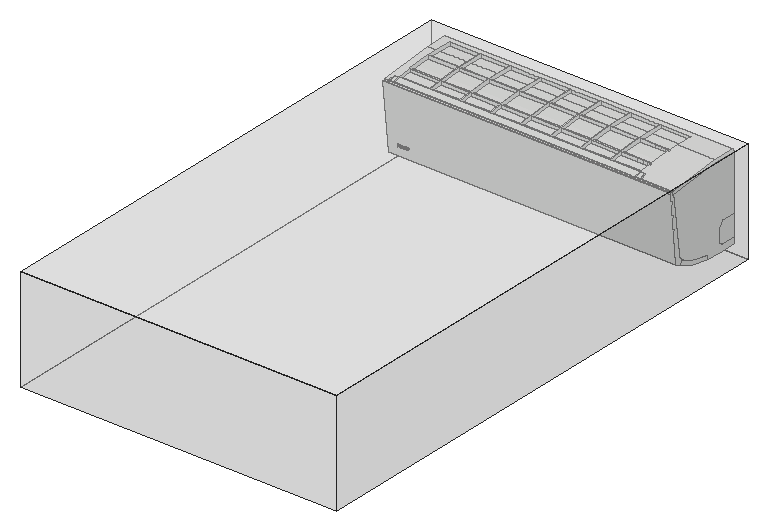
Revit family "outputfile", category 機械設備, Revit 2024 (continued)
Definition of nested family "DAIKIN_indoorunit_FTKF-AV14"
  Cuts and joins
    Extrusion 52, Extrusion 54 cuts Extrusion 2
    Extrusion 52, Extrusion 54 cuts Extrusion 6
    Extrusion 54 cuts Extrusion 53
    Extrusion 47 cuts Extrusion 46
  Lines and regions (mm)
    reference lines
      curve 1: line (-523, -203.827, -201.479) -> (-523, -197.847, -215.327)
      curve 2: line (-523, -218.956, -203.806) -> (-523, -217.93, -217.251)
      curve 3: line (-523, -253.284, -206.176) -> (-523, -252.024, -219.601)
  Dimensions and locks
    locked: Extrusion 9 sketch curve to Extrusion 9 sketch curve at 60
    locked: Extrusion 9 sketch curve to Extrusion 9 sketch curve at 50
    locked: Extrusion 11 sketch curve to Extrusion 11 sketch curve at 48.5
    equal spacing: plane 5, plane 3 "Center (Left/Right)", plane 4
    "Width": plane 5 to plane 4
    locked: Extrusion 8 sketch curve to plane 4 at 48
    "WALL HOLE-R": plane 5 to Extrusion 8 sketch curve
    "Height": plane 2 "reference_level" to plane 6
    locked: Extrusion 8 sketch curve to plane 6 at 45  (x2)
    Extrusion 13 to nested 2 = 36.0 mm
    locked: Extrusion 19 sketch curve to Extrusion 19 sketch curve at 60
    locked: Extrusion 20 sketch curve to Extrusion 20 sketch curve at 60
    Extrusion 21 sketch curve to Extrusion 21 sketch curve = 52.0 mm  (x2)
    Extrusion 11 sketch curve to Extrusion 11 sketch curve to plane 3 "Center (Left/Right)" = 60.0 mm locked, 286.0 mm locked
    plane 3 "Center (Left/Right)" to Extrusion 11 sketch curve to Extrusion 11 sketch curve = 259.0 mm locked, 60.0 mm locked
    Extrusion 21 sketch curve to Extrusion 21 sketch curve to plane 3 "Center (Left/Right)" to Extrusion 21 sketch curve to Extrusion 21 sketch curve = 60.0 mm, 309.0 mm, 309.0 mm, 60.0 mm
    Extrusion 42 sketch curve to plane 1 "Center (Front/Back)" = 61.8 mm
    Extrusion 42 sketch curve to Extrusion 42 sketch curve to plane 3 "Center (Left/Right)" to Extrusion 42 sketch curve to Extrusion 42 sketch curve = 73.5 mm locked, 395.5 mm locked, 395.5 mm locked, 73.5 mm locked
    aligned and locked: level to plane 2 "reference_level"
    aligned and locked: Extrusion 11 sketch curve to Extrusion 11 sketch curve  (x2)
    aligned and locked: Extrusion 8 to plane 1 "Center (Front/Back)"
    aligned and locked: nested 2 to curve 2
    aligned and locked: nested 3 to curve 3
    aligned and locked: Extrusion 42 sketch curve to Extrusion 42 sketch curve
  Automatic sketch dimensions
    Extrusion 4 sketch curve to plane 1 "Center (Front/Back)" = 0.0 mm
    plane 1 "Center (Front/Back)" to Extrusion 4 sketch curve = 2.596 mm
    plane 1 "Center (Front/Back)" to Extrusion 4 sketch curve = 22.05 mm
    Extrusion 4 sketch curve to level = 8.0 mm
    Extrusion 4 sketch curve to Extrusion 4 sketch curve = 87.469 mm
    Extrusion 4 sketch curve to Extrusion 4 sketch curve = 23.928 mm
    Extrusion 4 sketch curve to Extrusion 4 sketch curve = 26.307 mm
    Extrusion 4 sketch curve to Extrusion 4 sketch curve = 83.5 mm
    Extrusion 4 sketch curve to level = 28.539 mm
    Extrusion 4 sketch curve to Extrusion 4 sketch curve = 91.44 mm
    Extrusion 4 sketch curve to Extrusion 4 sketch curve = 12.229 mm
    Extrusion 4 sketch curve to Extrusion 4 sketch curve = 32.705 mm
    Extrusion 4 sketch curve to level = 43.491 mm
    Extrusion 4 sketch curve to Extrusion 4 sketch curve = 3.707 mm
    Extrusion 4 sketch curve to Extrusion 4 sketch curve = 52.472 mm
    Extrusion 4 sketch curve to Extrusion 4 sketch curve = 0.0 mm
    plane 1 "Center (Front/Back)" to Extrusion 5 sketch curve = 192.48 mm
    Extrusion 5 sketch curve to Extrusion 5 sketch curve = 11.872 mm
    Extrusion 5 sketch curve to Extrusion 5 sketch curve = 65.26 mm
    Extrusion 5 sketch curve to Extrusion 5 sketch curve = 0.31 mm  (x2)
    Extrusion 5 sketch curve to Extrusion 5 sketch curve = 66.449 mm
    plane 1 "Center (Front/Back)" to Extrusion 5 sketch curve = 22.36 mm
    Extrusion 5 sketch curve to level = 276.027 mm
    Extrusion 5 sketch curve to Extrusion 5 sketch curve = 10.915 mm
    Extrusion 5 sketch curve to Extrusion 5 sketch curve = 42.154 mm
    Extrusion 5 sketch curve to Extrusion 5 sketch curve = 1.37 mm
    Extrusion 5 sketch curve to Extrusion 5 sketch curve = 54.088 mm
    Extrusion 5 sketch curve to Extrusion 5 sketch curve = 0.0 mm  (x2)
    Extrusion 5 sketch curve to level = 43.491 mm
    plane 1 "Center (Front/Back)" to Extrusion 6 sketch curve = 192.48 mm
    Extrusion 6 sketch curve to Extrusion 6 sketch curve = 11.872 mm
    Extrusion 6 sketch curve to Extrusion 6 sketch curve = 65.26 mm
    Extrusion 6 sketch curve to Extrusion 6 sketch curve = 0.31 mm  (x2)
    Extrusion 6 sketch curve to Extrusion 6 sketch curve = 66.449 mm
    plane 1 "Center (Front/Back)" to Extrusion 6 sketch curve = 22.36 mm
    Extrusion 6 sketch curve to level = 276.027 mm
    Extrusion 6 sketch curve to Extrusion 6 sketch curve = 10.915 mm
    Extrusion 6 sketch curve to Extrusion 6 sketch curve = 42.154 mm
    Extrusion 6 sketch curve to Extrusion 6 sketch curve = 1.37 mm
    Extrusion 6 sketch curve to Extrusion 6 sketch curve = 54.088 mm
    Extrusion 6 sketch curve to Extrusion 6 sketch curve = 0.0 mm  (x2)
    Extrusion 6 sketch curve to level = 43.491 mm
    plane 1 "Center (Front/Back)" to Extrusion 7 sketch curve = 72.419 mm
    Extrusion 7 sketch curve to plane 3 "Center (Left/Right)" = 324.633 mm
    Extrusion 7 sketch curve to Extrusion 7 sketch curve = 0.0 mm  (x39)
    plane 1 "Center (Front/Back)" to Extrusion 7 sketch curve = 75.939 mm
    Extrusion 7 sketch curve to Extrusion 7 sketch curve = 20.633 mm  (x2)
    plane 1 "Center (Front/Back)" to Extrusion 7 sketch curve = 74.9 mm
    plane 1 "Center (Front/Back)" to Extrusion 7 sketch curve = 142.3 mm
    Extrusion 7 sketch curve to Extrusion 7 sketch curve = 24.633 mm
    Extrusion 7 sketch curve to Extrusion 7 sketch curve = 69.1 mm
    plane 1 "Center (Front/Back)" to Extrusion 7 sketch curve = 24.5 mm  (x4)
    Extrusion 7 sketch curve to Extrusion 7 sketch curve = 1.4 mm  (x23)
    Extrusion 7 sketch curve to Extrusion 7 sketch curve = 86.6 mm
    Extrusion 7 sketch curve to Extrusion 7 sketch curve = 70.6 mm
    Extrusion 7 sketch curve to Extrusion 7 sketch curve = 20.0 mm  (x4)
    plane 3 "Center (Left/Right)" to Extrusion 7 sketch curve = 36.5 mm  (x2)
    Extrusion 7 sketch curve to Extrusion 7 sketch curve = 87.0 mm
    Extrusion 7 sketch curve to Extrusion 7 sketch curve = 69.717 mm
    Extrusion 7 sketch curve to Extrusion 7 sketch curve = 1.026 mm
    Extrusion 7 sketch curve to Extrusion 7 sketch curve = 38.883 mm
    Extrusion 7 sketch curve to Extrusion 7 sketch curve = 39.104 mm
    Extrusion 7 sketch curve to Extrusion 7 sketch curve = 1.291 mm
    Extrusion 7 sketch curve to Extrusion 7 sketch curve = 1.048 mm  (x5)
    Extrusion 7 sketch curve to Extrusion 7 sketch curve = 41.2 mm
    Extrusion 7 sketch curve to Extrusion 7 sketch curve = 3.496 mm  (x2)
    Extrusion 7 sketch curve to Extrusion 7 sketch curve = 3.508 mm
    Extrusion 7 sketch curve to Extrusion 7 sketch curve = 63.904 mm
    Extrusion 7 sketch curve to Extrusion 7 sketch curve = 66.0 mm
    Extrusion 7 sketch curve to Extrusion 7 sketch curve = 3.386 mm
    Extrusion 9 sketch curve to plane 1 "Center (Front/Back)" = 0.0 mm
    Extrusion 9 sketch curve to Extrusion 9 sketch curve = 20.0 mm  (x2)
    Extrusion 9 sketch curve to level = 273.0 mm
    plane 1 "Center (Front/Back)" to Extrusion 11 sketch curve = 0.0 mm
    Extrusion 11 sketch curve to Extrusion 11 sketch curve = 18.5 mm  (x3)
    Extrusion 11 sketch curve to Extrusion 11 sketch curve = 23.0 mm
    Extrusion 12 sketch curve to level = 0.0 mm
    Extrusion 12 sketch curve to plane 1 "Center (Front/Back)" = 0.0 mm
    plane 1 "Center (Front/Back)" to Extrusion 12 sketch curve = 5.0 mm
    Extrusion 12 sketch curve to plane 1 "Center (Front/Back)" = 14.977 mm
    Extrusion 12 sketch curve to level = 9.02 mm
    Extrusion 12 sketch curve to level = 11.0 mm
    level to Extrusion 12 sketch curve = 9.314 mm
    plane 1 "Center (Front/Back)" to Extrusion 14 sketch curve = 23.5 mm  (x3)
    Extrusion 14 sketch curve to plane 3 "Center (Left/Right)" = 355.499 mm
    Extrusion 14 sketch curve to Extrusion 14 sketch curve = 0.0 mm  (x34)
    Extrusion 14 sketch curve to Extrusion 14 sketch curve = 101.5 mm
    Extrusion 14 sketch curve to Extrusion 14 sketch curve = 2.6 mm  (x8)
    Extrusion 14 sketch curve to Extrusion 14 sketch curve = 99.5 mm  (x2)
    Extrusion 14 sketch curve to plane 3 "Center (Left/Right)" = 54.549 mm
    Extrusion 14 sketch curve to Extrusion 14 sketch curve = 12.0 mm  (x7)
    plane 3 "Center (Left/Right)" to Extrusion 14 sketch curve = 52.301 mm  (x2)
    Extrusion 14 sketch curve to Extrusion 14 sketch curve = 73.2 mm  (x2)
    Extrusion 14 sketch curve to Extrusion 14 sketch curve = 2.4 mm  (x6)
    Extrusion 14 sketch curve to Extrusion 14 sketch curve = 71.0 mm  (x3)
    Extrusion 14 sketch curve to Extrusion 14 sketch curve = 1.6 mm  (x6)
    Extrusion 14 sketch curve to Extrusion 14 sketch curve = 30.0 mm  (x3)
    plane 1 "Center (Front/Back)" to Extrusion 15 sketch curve = 194.856 mm
    Extrusion 15 sketch curve to Extrusion 15 sketch curve = 9.074 mm
    Extrusion 15 sketch curve to Extrusion 15 sketch curve = 86.508 mm
    level to Extrusion 15 sketch curve = 11.72 mm
    plane 1 "Center (Front/Back)" to Extrusion 15 sketch curve = 52.895 mm
    Extrusion 15 sketch curve to Extrusion 15 sketch curve = 0.004 mm
    Extrusion 15 sketch curve to Extrusion 15 sketch curve = 0.033 mm
    Extrusion 15 sketch curve to level = 244.604 mm
    Extrusion 15 sketch curve to Extrusion 15 sketch curve = 7.382 mm
    plane 1 "Center (Front/Back)" to Extrusion 16 sketch curve = 194.856 mm
    Extrusion 16 sketch curve to Extrusion 16 sketch curve = 9.074 mm
    Extrusion 16 sketch curve to Extrusion 16 sketch curve = 86.508 mm
    level to Extrusion 16 sketch curve = 11.72 mm
    plane 1 "Center (Front/Back)" to Extrusion 16 sketch curve = 52.895 mm
    Extrusion 16 sketch curve to Extrusion 16 sketch curve = 0.004 mm
    Extrusion 16 sketch curve to level = 244.604 mm
    Extrusion 16 sketch curve to Extrusion 16 sketch curve = 7.382 mm
    Extrusion 16 sketch curve to Extrusion 16 sketch curve = 10.901 mm
    plane 1 "Center (Front/Back)" to Extrusion 17 sketch curve = 194.856 mm
    Extrusion 17 sketch curve to Extrusion 17 sketch curve = 9.074 mm
    Extrusion 17 sketch curve to Extrusion 17 sketch curve = 86.508 mm
    level to Extrusion 17 sketch curve = 11.72 mm
    plane 1 "Center (Front/Back)" to Extrusion 17 sketch curve = 52.895 mm
    Extrusion 17 sketch curve to Extrusion 17 sketch curve = 0.004 mm
    Extrusion 17 sketch curve to level = 244.604 mm
    Extrusion 17 sketch curve to Extrusion 17 sketch curve = 7.382 mm
    Extrusion 17 sketch curve to Extrusion 17 sketch curve = 10.901 mm
    Extrusion 19 sketch curve to plane 1 "Center (Front/Back)" = 0.0 mm
    Extrusion 19 sketch curve to Extrusion 19 sketch curve = 32.8 mm
    plane 1 "Center (Front/Back)" to Extrusion 19 sketch curve = 32.8 mm
    Extrusion 19 sketch curve to Extrusion 19 sketch curve = 19.2 mm
    Extrusion 19 sketch curve to level = 269.6 mm
    Extrusion 20 sketch curve to plane 1 "Center (Front/Back)" = 0.0 mm
    Extrusion 20 sketch curve to Extrusion 20 sketch curve = 32.8 mm  (x2)
    Extrusion 20 sketch curve to Extrusion 20 sketch curve = 19.2 mm
    Extrusion 20 sketch curve to level = 269.6 mm
    plane 1 "Center (Front/Back)" to Extrusion 21 sketch curve = 0.0 mm  (x2)
    Extrusion 21 sketch curve to Extrusion 21 sketch curve = 20.0 mm  (x4)
    Extrusion 22 sketch curve to plane 3 "Center (Left/Right)" = 339.0 mm
    plane 3 "Center (Left/Right)" to Extrusion 22 sketch curve = 231.0 mm
    plane 1 "Center (Front/Back)" to Extrusion 22 sketch curve = 202.769 mm
    Extrusion 22 sketch curve to Extrusion 22 sketch curve = 17.012 mm
    Extrusion 23 sketch curve to plane 3 "Center (Left/Right)" = 339.0 mm
    Extrusion 23 sketch curve to Extrusion 23 sketch curve = 15.0 mm  (x2)
    plane 3 "Center (Left/Right)" to Extrusion 23 sketch curve = 216.0 mm
    plane 1 "Center (Front/Back)" to Extrusion 23 sketch curve = 202.757 mm  (x2)
    Extrusion 23 sketch curve to Extrusion 23 sketch curve = 17.0 mm  (x2)
    Extrusion 24 sketch curve to plane 3 "Center (Left/Right)" = 324.0 mm
    Extrusion 24 sketch curve to Extrusion 24 sketch curve = 43.629 mm
    Extrusion 24 sketch curve to Extrusion 24 sketch curve = 1.5 mm  (x9)
    Extrusion 24 sketch curve to Extrusion 24 sketch curve = 21.542 mm  (x3)
    Extrusion 24 sketch curve to plane 3 "Center (Left/Right)" = 123.621 mm
    Extrusion 24 sketch curve to plane 3 "Center (Left/Right)" = 9.121 mm
    plane 3 "Center (Left/Right)" to Extrusion 24 sketch curve = 13.921 mm
    Extrusion 24 sketch curve to Extrusion 24 sketch curve = 132.208 mm
    Extrusion 24 sketch curve to Extrusion 24 sketch curve = 43.829 mm
    plane 1 "Center (Front/Back)" to Extrusion 24 sketch curve = 202.757 mm
    plane 1 "Center (Front/Back)" to Extrusion 24 sketch curve = 195.757 mm
    Extrusion 24 sketch curve to Extrusion 24 sketch curve = 7.0 mm  (x2)
    Extrusion 24 sketch curve to Extrusion 24 sketch curve = 3.5 mm  (x4)
    Extrusion 24 sketch curve to Extrusion 24 sketch curve = 12.0 mm
    Extrusion 26 sketch curve to plane 3 "Center (Left/Right)" = 373.412 mm
    Extrusion 26 sketch curve to Extrusion 26 sketch curve = 1.011 mm
    Extrusion 26 sketch curve to Extrusion 26 sketch curve = 15.228 mm
    Extrusion 26 sketch curve to Extrusion 26 sketch curve = 0.132 mm
    plane 3 "Center (Left/Right)" to Extrusion 26 sketch curve = 259.015 mm
    Extrusion 26 sketch curve to Extrusion 26 sketch curve = 0.133 mm
    Extrusion 26 sketch curve to Extrusion 26 sketch curve = 15.197 mm
    Extrusion 26 sketch curve to Extrusion 26 sketch curve = 16.358 mm
    plane 1 "Center (Front/Back)" to Extrusion 26 sketch curve = 238.673 mm
    Extrusion 26 sketch curve to Extrusion 26 sketch curve = 34.983 mm
    Extrusion 26 sketch curve to Extrusion 26 sketch curve = 3.79 mm  (x2)
    plane 3 "Center (Left/Right)" to Extrusion 26 sketch curve = 247.689 mm
    plane 1 "Center (Front/Back)" to Extrusion 26 sketch curve = 58.091 mm
    Extrusion 27 sketch curve to plane 3 "Center (Left/Right)" = 373.099 mm
    Extrusion 27 sketch curve to Extrusion 27 sketch curve = 0.698 mm
    Extrusion 27 sketch curve to Extrusion 27 sketch curve = 15.228 mm
    Extrusion 27 sketch curve to Extrusion 27 sketch curve = 0.132 mm
    Extrusion 27 sketch curve to Extrusion 27 sketch curve = 1.99 mm
    plane 3 "Center (Left/Right)" to Extrusion 27 sketch curve = 257.001 mm
    Extrusion 27 sketch curve to Extrusion 27 sketch curve = 2.014 mm
    Extrusion 27 sketch curve to Extrusion 27 sketch curve = 0.133 mm
    Extrusion 27 sketch curve to Extrusion 27 sketch curve = 15.196 mm
    Extrusion 27 sketch curve to Extrusion 27 sketch curve = 18.053 mm
    plane 1 "Center (Front/Back)" to Extrusion 27 sketch curve = 226.673 mm  (x2)
    Extrusion 27 sketch curve to Extrusion 27 sketch curve = 22.983 mm  (x2)
    Extrusion 27 sketch curve to Extrusion 27 sketch curve = 3.79 mm  (x2)
    Extrusion 28 sketch curve to plane 3 "Center (Left/Right)" = 355.05 mm
    plane 3 "Center (Left/Right)" to Extrusion 28 sketch curve = 257.001 mm
    plane 1 "Center (Front/Back)" to Extrusion 28 sketch curve = 226.673 mm
    Extrusion 28 sketch curve to Extrusion 28 sketch curve = 22.983 mm
    Extrusion 29 sketch curve to level = 0.0 mm
    Extrusion 29 sketch curve to level = 30.0 mm
    plane 1 "Center (Front/Back)" to Extrusion 29 sketch curve = 238.673 mm
    Extrusion 29 sketch curve to Extrusion 29 sketch curve = 38.773 mm
    Extrusion 29 sketch curve to Extrusion 29 sketch curve = 0.0 mm  (x2)
    plane 1 "Center (Front/Back)" to Extrusion 29 sketch curve = 45.84 mm
    Extrusion 29 sketch curve to plane 1 "Center (Front/Back)" = 14.977 mm
    Extrusion 29 sketch curve to Extrusion 29 sketch curve = 994.66 mm
    Extrusion 29 sketch curve to Extrusion 29 sketch curve = 0.163 mm
    Extrusion 29 sketch curve to Extrusion 29 sketch curve = 7.224 mm
    Extrusion 29 sketch curve to level = 11.646 mm
    level to Extrusion 29 sketch curve = 9.314 mm
    Extrusion 29 sketch curve to Extrusion 29 sketch curve = 13.398 mm
    Extrusion 30 sketch curve to Extrusion 30 sketch curve = 0.0 mm  (x2)
    plane 1 "Center (Front/Back)" to Extrusion 30 sketch curve = 189.887 mm
    Extrusion 30 sketch curve to Extrusion 30 sketch curve = 11.307 mm
    Extrusion 30 sketch curve to Extrusion 30 sketch curve = 46.464 mm
    Extrusion 30 sketch curve to Extrusion 30 sketch curve = 21.724 mm
    Extrusion 30 sketch curve to level = 277.1 mm
    Extrusion 30 sketch curve to Extrusion 30 sketch curve = 22.499 mm
    Extrusion 31 sketch curve to Extrusion 31 sketch curve = 0.0 mm  (x2)
    plane 1 "Center (Front/Back)" to Extrusion 31 sketch curve = 189.887 mm
    Extrusion 31 sketch curve to Extrusion 31 sketch curve = 11.307 mm
    Extrusion 31 sketch curve to Extrusion 31 sketch curve = 46.464 mm
    Extrusion 31 sketch curve to Extrusion 31 sketch curve = 21.724 mm
    Extrusion 31 sketch curve to level = 277.1 mm
    Extrusion 31 sketch curve to Extrusion 31 sketch curve = 22.499 mm
    Extrusion 32 sketch curve to Extrusion 32 sketch curve = 0.0 mm  (x2)
    plane 1 "Center (Front/Back)" to Extrusion 32 sketch curve = 185.929 mm
    Extrusion 32 sketch curve to Extrusion 32 sketch curve = 6.899 mm
    Extrusion 32 sketch curve to Extrusion 32 sketch curve = 9.219 mm
    Extrusion 32 sketch curve to Extrusion 32 sketch curve = 7.915 mm
    Extrusion 32 sketch curve to level = 264.005 mm
    Extrusion 32 sketch curve to Extrusion 32 sketch curve = 7.405 mm
    Extrusion 33 sketch curve to Extrusion 33 sketch curve = 0.0 mm  (x2)
    plane 1 "Center (Front/Back)" to Extrusion 33 sketch curve = 185.929 mm
    Extrusion 33 sketch curve to Extrusion 33 sketch curve = 6.899 mm
    Extrusion 33 sketch curve to Extrusion 33 sketch curve = 9.219 mm
    Extrusion 33 sketch curve to Extrusion 33 sketch curve = 7.915 mm
    Extrusion 33 sketch curve to level = 264.005 mm
    Extrusion 33 sketch curve to Extrusion 33 sketch curve = 7.405 mm
    plane 1 "Center (Front/Back)" to Extrusion 36 sketch curve = 233.849 mm
    Extrusion 36 sketch curve to Extrusion 36 sketch curve = 11.574 mm
    Extrusion 36 sketch curve to Extrusion 36 sketch curve = 106.825 mm
    Extrusion 36 sketch curve to Extrusion 36 sketch curve = 0.0 mm
    level to Extrusion 36 sketch curve = 3.941 mm
    plane 1 "Center (Front/Back)" to Extrusion 36 sketch curve = 90.201 mm
    Extrusion 36 sketch curve to Extrusion 36 sketch curve = 0.002 mm
    Extrusion 36 sketch curve to Extrusion 36 sketch curve = 0.776 mm
    Extrusion 36 sketch curve to level = 250.06 mm
    Extrusion 36 sketch curve to Extrusion 36 sketch curve = 9.301 mm
    Extrusion 36 sketch curve to Extrusion 36 sketch curve = 31.169 mm
    Extrusion 36 sketch curve to Extrusion 36 sketch curve = 13.702 mm
    Extrusion 36 sketch curve to Extrusion 36 sketch curve = 27.641 mm
    plane 1 "Center (Front/Back)" to Extrusion 37 sketch curve = 233.849 mm
    Extrusion 37 sketch curve to Extrusion 37 sketch curve = 11.574 mm
    Extrusion 37 sketch curve to Extrusion 37 sketch curve = 106.825 mm
    Extrusion 37 sketch curve to Extrusion 37 sketch curve = 0.0 mm
    level to Extrusion 37 sketch curve = 3.941 mm
    plane 1 "Center (Front/Back)" to Extrusion 37 sketch curve = 90.201 mm
    Extrusion 37 sketch curve to Extrusion 37 sketch curve = 0.002 mm
    Extrusion 37 sketch curve to Extrusion 37 sketch curve = 0.776 mm
    Extrusion 37 sketch curve to level = 250.06 mm
    Extrusion 37 sketch curve to Extrusion 37 sketch curve = 9.301 mm
    Extrusion 37 sketch curve to Extrusion 37 sketch curve = 31.169 mm
    Extrusion 37 sketch curve to Extrusion 37 sketch curve = 13.702 mm
    Extrusion 37 sketch curve to Extrusion 37 sketch curve = 27.641 mm
    plane 1 "Center (Front/Back)" to Extrusion 38 sketch curve = 233.849 mm
    Extrusion 38 sketch curve to Extrusion 38 sketch curve = 11.574 mm
    Extrusion 38 sketch curve to Extrusion 38 sketch curve = 106.825 mm
    Extrusion 38 sketch curve to Extrusion 38 sketch curve = 0.0 mm
    level to Extrusion 38 sketch curve = 3.941 mm
    plane 1 "Center (Front/Back)" to Extrusion 38 sketch curve = 90.201 mm
    Extrusion 38 sketch curve to Extrusion 38 sketch curve = 0.002 mm
    Extrusion 38 sketch curve to Extrusion 38 sketch curve = 0.776 mm
    Extrusion 38 sketch curve to level = 250.06 mm
    Extrusion 38 sketch curve to Extrusion 38 sketch curve = 9.301 mm
    Extrusion 38 sketch curve to Extrusion 38 sketch curve = 31.169 mm
    Extrusion 38 sketch curve to Extrusion 38 sketch curve = 13.702 mm
    Extrusion 38 sketch curve to Extrusion 38 sketch curve = 27.641 mm
    Extrusion 40 sketch curve to plane 1 "Center (Front/Back)" = 0.0 mm
    plane 1 "Center (Front/Back)" to Extrusion 40 sketch curve = 41.8 mm
    Extrusion 40 sketch curve to Extrusion 40 sketch curve = 0.0 mm  (x2)
    Extrusion 40 sketch curve to Extrusion 40 sketch curve = 20.0 mm
    Extrusion 40 sketch curve to level = 275.5 mm
    Extrusion 40 sketch curve to Extrusion 40 sketch curve = 33.5 mm
    Extrusion 41 sketch curve to plane 1 "Center (Front/Back)" = 0.0 mm
    plane 1 "Center (Front/Back)" to Extrusion 41 sketch curve = 41.8 mm
    Extrusion 41 sketch curve to Extrusion 41 sketch curve = 0.0 mm
    Extrusion 41 sketch curve to Extrusion 41 sketch curve = 20.0 mm
    Extrusion 41 sketch curve to level = 202.0 mm
    Extrusion 41 sketch curve to Extrusion 41 sketch curve = 33.5 mm
    plane 1 "Center (Front/Back)" to Extrusion 42 sketch curve = 0.0 mm  (x2)
    Extrusion 42 sketch curve to Extrusion 42 sketch curve = 20.0 mm  (x4)
    plane 3 "Center (Left/Right)" to Extrusion 44 sketch curve = 380.0 mm
    Extrusion 46 sketch curve to plane 3 "Center (Left/Right)" = 466.5 mm
    plane 3 "Center (Left/Right)" to Extrusion 46 sketch curve = 366.0 mm
    plane 1 "Center (Front/Back)" to Extrusion 46 sketch curve = 264.436 mm
    Extrusion 46 sketch curve to Extrusion 46 sketch curve = 25.436 mm
    Extrusion 47 sketch curve to level = 33.272 mm
    Extrusion 47 sketch curve to level = 22.853 mm
    level to Extrusion 47 sketch curve = 5.0 mm
    Extrusion 48 sketch curve to Extrusion 48 sketch curve = 20.148 mm
    Extrusion 48 sketch curve to Extrusion 48 sketch curve = 44.745 mm
    Extrusion 48 sketch curve to Extrusion 48 sketch curve = 22.502 mm
    level to Extrusion 48 sketch curve = 6.546 mm
    plane 1 "Center (Front/Back)" to Extrusion 48 sketch curve = 89.423 mm
    Extrusion 48 sketch curve to Extrusion 48 sketch curve = 0.0 mm  (x2)
    Extrusion 48 sketch curve to Extrusion 48 sketch curve = 11.127 mm
    Extrusion 49 sketch curve to Extrusion 49 sketch curve = 0.0 mm  (x2)
    level to Extrusion 49 sketch curve = 6.546 mm
    plane 1 "Center (Front/Back)" to Extrusion 49 sketch curve = 89.423 mm
    Extrusion 49 sketch curve to level = 261.498 mm
    Extrusion 49 sketch curve to Extrusion 49 sketch curve = 11.127 mm
    Extrusion 49 sketch curve to Extrusion 49 sketch curve = 64.893 mm
    Extrusion 49 sketch curve to Extrusion 49 sketch curve = 20.148 mm
    Extrusion 50 sketch curve to Extrusion 50 sketch curve = 8.97 mm
    Extrusion 50 sketch curve to Extrusion 50 sketch curve = 7.404 mm
    level to Extrusion 50 sketch curve = 6.546 mm
    Extrusion 50 sketch curve to Extrusion 50 sketch curve = 6.785 mm
    Extrusion 50 sketch curve to Extrusion 50 sketch curve = 7.726 mm
    Extrusion 50 sketch curve to Extrusion 50 sketch curve = 0.0 mm  (x2)
    plane 1 "Center (Front/Back)" to Extrusion 50 sketch curve = 89.423 mm
    Extrusion 51 sketch curve to Extrusion 51 sketch curve = 0.0 mm  (x2)
    level to Extrusion 51 sketch curve = 6.546 mm
    plane 1 "Center (Front/Back)" to Extrusion 51 sketch curve = 89.423 mm
    Extrusion 51 sketch curve to level = 263.5 mm
    Extrusion 51 sketch curve to Extrusion 51 sketch curve = 6.785 mm
    Extrusion 51 sketch curve to Extrusion 51 sketch curve = 16.697 mm
    Extrusion 51 sketch curve to Extrusion 51 sketch curve = 7.726 mm
    Extrusion 10 sketch curve to plane 1 "Center (Front/Back)" = 0.0 mm
    plane 1 "Center (Front/Back)" to Extrusion 10 sketch curve = 30.0 mm
    Extrusion 10 sketch curve to Extrusion 10 sketch curve = 0.0 mm
    Extrusion 10 sketch curve to Extrusion 10 sketch curve = 20.0 mm  (x2)
    Extrusion 10 sketch curve to level = 273.0 mm
    Extrusion 3 sketch curve to level = 13.692 mm
    plane 1 "Center (Front/Back)" to Extrusion 3 sketch curve = 211.618 mm
    Extrusion 3 sketch curve to Extrusion 3 sketch curve = 0.618 mm
    Extrusion 3 sketch curve to Extrusion 3 sketch curve = 1.902 mm
    Extrusion 3 sketch curve to Extrusion 3 sketch curve = 2.0 mm
    Extrusion 3 sketch curve to level = 10.816 mm
    Extrusion 3 sketch curve to Extrusion 3 sketch curve = 8.849 mm
    Extrusion 3 sketch curve to Extrusion 3 sketch curve = 2.652 mm
    Extrusion 3 sketch curve to Extrusion 3 sketch curve = 151.871 mm
    Extrusion 3 sketch curve to Extrusion 3 sketch curve = 95.0 mm
    Extrusion 3 sketch curve to Extrusion 3 sketch curve = 10.31 mm
    Extrusion 3 sketch curve to Extrusion 3 sketch curve = 6.572 mm
    Extrusion 3 sketch curve to Extrusion 3 sketch curve = 0.097 mm
    Extrusion 3 sketch curve to Extrusion 3 sketch curve = 0.31 mm
    Extrusion 3 sketch curve to Extrusion 3 sketch curve = 11.812 mm
    plane 1 "Center (Front/Back)" to Extrusion 2 sketch curve = 115.348 mm
    plane 1 "Center (Front/Back)" to Extrusion 2 sketch curve = 22.36 mm
    Extrusion 2 sketch curve to level = 167.5 mm
    Extrusion 2 sketch curve to level = 43.491 mm
    Extrusion 2 sketch curve to Extrusion 2 sketch curve = 1.189 mm
    Extrusion 2 sketch curve to Extrusion 2 sketch curve = 58.182 mm
    Extrusion 2 sketch curve to Extrusion 2 sketch curve = 0.0 mm  (x4)
    Extrusion 2 sketch curve to Extrusion 2 sketch curve = 20.14 mm
    Extrusion 2 sketch curve to Extrusion 2 sketch curve = 0.31 mm  (x2)
    Extrusion 2 sketch curve to Extrusion 2 sketch curve = 11.872 mm
    Extrusion 2 sketch curve to Extrusion 2 sketch curve = 6.31 mm
    Extrusion 52 sketch curve to Extrusion 52 sketch curve = 0.0 mm  (x5)
    Extrusion 52 sketch curve to Extrusion 52 sketch curve = 52.75 mm
    plane 1 "Center (Front/Back)" to Extrusion 52 sketch curve = 22.36 mm
    Extrusion 52 sketch curve to Extrusion 52 sketch curve = 35.994 mm
    Extrusion 52 sketch curve to Extrusion 52 sketch curve = 64.506 mm
    Extrusion 52 sketch curve to level = 43.491 mm
    Extrusion 52 sketch curve to Extrusion 52 sketch curve = 6.981 mm
    Extrusion 52 sketch curve to Extrusion 52 sketch curve = 5.769 mm
    Extrusion 52 sketch curve to Extrusion 52 sketch curve = 3.0 mm
    Extrusion 52 sketch curve to Extrusion 52 sketch curve = 11.895 mm
    plane 1 "Center (Front/Back)" to Extrusion 53 sketch curve = 22.36 mm
    Extrusion 53 sketch curve to level = 43.491 mm
    Extrusion 53 sketch curve to Extrusion 53 sketch curve = 5.097 mm
    Extrusion 53 sketch curve to Extrusion 53 sketch curve = 48.896 mm
    Extrusion 53 sketch curve to Extrusion 53 sketch curve = 0.0 mm  (x6)
    Extrusion 53 sketch curve to Extrusion 53 sketch curve = 8.769 mm
    Extrusion 53 sketch curve to Extrusion 53 sketch curve = 11.895 mm
    Extrusion 53 sketch curve to Extrusion 53 sketch curve = 6.981 mm
    Extrusion 53 sketch curve to Extrusion 53 sketch curve = 3.0 mm
    Extrusion 54 sketch curve to Extrusion 54 sketch curve = 0.0 mm  (x6)
    Extrusion 54 sketch curve to Extrusion 54 sketch curve = 9.206 mm
    Extrusion 54 sketch curve to Extrusion 54 sketch curve = 61.422 mm
    plane 1 "Center (Front/Back)" to Extrusion 54 sketch curve = 22.36 mm
    Extrusion 54 sketch curve to Extrusion 54 sketch curve = 11.007 mm
    Extrusion 54 sketch curve to level = 43.491 mm
    Extrusion 54 sketch curve to Extrusion 54 sketch curve = 4.409 mm
    Extrusion 54 sketch curve to Extrusion 54 sketch curve = 1.8 mm
    Extrusion 54 sketch curve to Extrusion 54 sketch curve = 5.228 mm
    Extrusion 55 sketch curve to Extrusion 55 sketch curve = 61.422 mm
    Extrusion 55 sketch curve to level = 235.993 mm
    Extrusion 55 sketch curve to Extrusion 55 sketch curve = 4.409 mm
    Extrusion 55 sketch curve to Extrusion 55 sketch curve = 6.229 mm
    plane 1 "Center (Front/Back)" to Extrusion 55 sketch curve = 22.36 mm
    Extrusion 55 sketch curve to Extrusion 55 sketch curve = 0.0 mm  (x6)
    Extrusion 55 sketch curve to Extrusion 55 sketch curve = 8.205 mm
    Extrusion 55 sketch curve to Extrusion 55 sketch curve = 5.228 mm
    Extrusion 55 sketch curve to Extrusion 55 sketch curve = 1.8 mm
    Extrusion 25 sketch curve to Extrusion 25 sketch curve = 0.0 mm  (x4)
    Extrusion 25 sketch curve to level = 0.0 mm
    Extrusion 25 sketch curve to level = 35.0 mm
    plane 1 "Center (Front/Back)" to Extrusion 25 sketch curve = 205.202 mm
    Extrusion 25 sketch curve to Extrusion 25 sketch curve = 19.445 mm
    plane 1 "Center (Front/Back)" to Extrusion 25 sketch curve = 104.232 mm
    Extrusion 25 sketch curve to Extrusion 25 sketch curve = 209.941 mm
    Extrusion 25 sketch curve to Extrusion 25 sketch curve = 4.474 mm
    Extrusion 25 sketch curve to Extrusion 25 sketch curve = 8.811 mm
    Extrusion 12 sketch curve to Extrusion 12 sketch curve = 1.396 mm
    plane 1 "Center (Front/Back)" to Extrusion 12 sketch curve = 45.84 mm
    Extrusion 12 sketch curve to Extrusion 12 sketch curve = 0.0 mm
    Extrusion 12 sketch curve to Extrusion 12 sketch curve = 0.163 mm
    Extrusion 12 sketch curve to level = 26.758 mm
    Extrusion 18 sketch curve to plane 1 "Center (Front/Back)" = 0.0 mm
    level to Extrusion 18 sketch curve = 4.099 mm
    Extrusion 18 sketch curve to Extrusion 18 sketch curve = 0.857 mm
    Extrusion 18 sketch curve to Extrusion 18 sketch curve = 6.16 mm
    Extrusion 18 sketch curve to Extrusion 18 sketch curve = 46.473 mm
    Extrusion 18 sketch curve to Extrusion 18 sketch curve = 0.052 mm
    Extrusion 18 sketch curve to Extrusion 18 sketch curve = 69.066 mm
    Extrusion 18 sketch curve to Extrusion 18 sketch curve = 29.316 mm
    Extrusion 18 sketch curve to level = 26.762 mm
    Extrusion 18 sketch curve to Extrusion 18 sketch curve = 178.061 mm
    Extrusion 18 sketch curve to Extrusion 18 sketch curve = 4.015 mm
    Extrusion 18 sketch curve to Extrusion 18 sketch curve = 52.325 mm
    Extrusion 18 sketch curve to Extrusion 18 sketch curve = 11.703 mm
    Extrusion 18 sketch curve to Extrusion 18 sketch curve = 3.729 mm
    Extrusion 18 sketch curve to Extrusion 18 sketch curve = 7.779 mm
    Extrusion 18 sketch curve to level = 11.0 mm
    plane 1 "Center (Front/Back)" to Extrusion 18 sketch curve = 45.84 mm
    Extrusion 13 sketch curve to level = 15.416 mm
    plane 1 "Center (Front/Back)" to Extrusion 13 sketch curve = 197.648 mm
    Extrusion 13 sketch curve to Extrusion 13 sketch curve = 21.851 mm
    Extrusion 13 sketch curve to Extrusion 13 sketch curve = 8.255 mm
    plane 1 "Center (Front/Back)" to Extrusion 13 sketch curve = 46.245 mm
    Extrusion 13 sketch curve to Extrusion 13 sketch curve = 6.169 mm
    Extrusion 13 sketch curve to Extrusion 13 sketch curve = 10.292 mm
    Extrusion 13 sketch curve to Extrusion 13 sketch curve = 0.363 mm
    Extrusion 13 sketch curve to Extrusion 13 sketch curve = 1.994 mm
    Extrusion 13 sketch curve to Extrusion 13 sketch curve = 5.69 mm
    Extrusion 13 sketch curve to Extrusion 13 sketch curve = 20.433 mm
    Extrusion 13 sketch curve to Extrusion 13 sketch curve = 0.0 mm  (x3)
    Extrusion 13 sketch curve to Extrusion 13 sketch curve = 1.84 mm
    Extrusion 13 sketch curve to Extrusion 13 sketch curve = 9.251 mm
    Extrusion 13 sketch curve to Extrusion 13 sketch curve = 6.958 mm
    Extrusion 13 sketch curve to Extrusion 13 sketch curve = 0.157 mm
    Extrusion 13 sketch curve to level = 12.416 mm
    Extrusion 13 sketch curve to Extrusion 13 sketch curve = 201.658 mm
    Extrusion 34 sketch curve to plane 1 "Center (Front/Back)" = 0.0 mm
    Extrusion 34 sketch curve to level = 9.411 mm
    level to Extrusion 34 sketch curve = 0.0 mm
    plane 1 "Center (Front/Back)" to Extrusion 34 sketch curve = 5.217 mm
    Extrusion 34 sketch curve to Extrusion 34 sketch curve = 1.455 mm
    Extrusion 34 sketch curve to level = 10.748 mm
    Extrusion 34 sketch curve to Extrusion 34 sketch curve = 76.023 mm
    Extrusion 34 sketch curve to Extrusion 34 sketch curve = 0.06 mm
    Extrusion 34 sketch curve to level = 288.701 mm
    Extrusion 34 sketch curve to level = 18.596 mm
    Extrusion 34 sketch curve to Extrusion 34 sketch curve = 1.224 mm
    Extrusion 34 sketch curve to Extrusion 34 sketch curve = 3.693 mm
    Extrusion 34 sketch curve to level = 29.099 mm
    Extrusion 34 sketch curve to Extrusion 34 sketch curve = 1.436 mm
    Extrusion 35 sketch curve to plane 1 "Center (Front/Back)" = 0.0 mm
    plane 1 "Center (Front/Back)" to Extrusion 35 sketch curve = 61.8 mm
    Extrusion 35 sketch curve to level = 11.0 mm
    plane 1 "Center (Front/Back)" to Extrusion 35 sketch curve = 61.32 mm
    Extrusion 35 sketch curve to Extrusion 35 sketch curve = 52.85 mm
    Extrusion 35 sketch curve to Extrusion 35 sketch curve = 286.0 mm
    Extrusion 35 sketch curve to Extrusion 35 sketch curve = 2.004 mm
    Extrusion 35 sketch curve to Extrusion 35 sketch curve = 14.501 mm
    plane 1 "Center (Front/Back)" to Extrusion 35 sketch curve = 82.524 mm
    Extrusion 35 sketch curve to level = 29.099 mm
    Extrusion 35 sketch curve to level = 222.656 mm
    Extrusion 35 sketch curve to Extrusion 35 sketch curve = 43.948 mm
    Extrusion 35 sketch curve to Extrusion 35 sketch curve = 6.011 mm
    Extrusion 35 sketch curve to Extrusion 35 sketch curve = 14.16 mm
    level to Extrusion 35 sketch curve = 3.956 mm
    Extrusion 35 sketch curve to Extrusion 35 sketch curve = 28.88 mm
    Extrusion 35 sketch curve to Extrusion 35 sketch curve = 602.782 mm
    plane 1 "Center (Front/Back)" to Extrusion 39 sketch curve = 234.424 mm
    level to Extrusion 39 sketch curve = 23.59 mm
    plane 1 "Center (Front/Back)" to Extrusion 39 sketch curve = 83.906 mm
    Extrusion 39 sketch curve to level = 258.8 mm
    Extrusion 39 sketch curve to Extrusion 39 sketch curve = 14.508 mm
    Extrusion 39 sketch curve to Extrusion 39 sketch curve = 11.757 mm
    Extrusion 39 sketch curve to Extrusion 39 sketch curve = 9.554 mm
    Extrusion 39 sketch curve to Extrusion 39 sketch curve = 13.936 mm
    Extrusion 39 sketch curve to Extrusion 39 sketch curve = 26.899 mm
    Extrusion 39 sketch curve to Extrusion 39 sketch curve = 6.12 mm
    Extrusion 39 sketch curve to level = 18.854 mm
    Extrusion 39 sketch curve to level = 21.943 mm
    Extrusion 39 sketch curve to Extrusion 39 sketch curve = 7.064 mm
    plane 1 "Center (Front/Back)" to Extrusion 39 sketch curve = 81.184 mm
    Extrusion 39 sketch curve to Extrusion 39 sketch curve = 3.033 mm
    Extrusion 39 sketch curve to Extrusion 39 sketch curve = 0.318 mm
    Extrusion 39 sketch curve to Extrusion 39 sketch curve = 0.0 mm
    Extrusion 39 sketch curve to Extrusion 39 sketch curve = 1.499 mm
    curve 3 to level = 219.601 mm
    plane 1 "Center (Front/Back)" to curve 1 = 197.847 mm
    curve 3 to curve 2 = 2.35 mm
    curve 2 to curve 1 = 1.924 mm
    curve 3 to curve 3 = 13.425 mm
    curve 2 to curve 2 = 13.445 mm
    curve 1 to curve 1 = 13.848 mm
    curve 1 to curve 1 = 5.98 mm
    curve 1 to curve 2 = 20.083 mm
    curve 2 to curve 2 = 1.025 mm
    curve 2 to curve 3 = 34.094 mm
    curve 3 to curve 3 = 1.26 mm
    plane 1 "Center (Front/Back)" to Extrusion 43 sketch curve = 23.5 mm  (x4)
    Extrusion 43 sketch curve to plane 3 "Center (Left/Right)" = 465.5 mm
    Extrusion 43 sketch curve to Extrusion 43 sketch curve = 0.0 mm  (x44)
    Extrusion 43 sketch curve to Extrusion 43 sketch curve = 104.0 mm
    Extrusion 43 sketch curve to Extrusion 43 sketch curve = 2.5 mm  (x21)
    Extrusion 43 sketch curve to Extrusion 43 sketch curve = 101.0 mm  (x4)
    Extrusion 43 sketch curve to plane 3 "Center (Left/Right)" = 51.0 mm
    plane 3 "Center (Left/Right)" to Extrusion 43 sketch curve = 52.5 mm
    Extrusion 43 sketch curve to Extrusion 43 sketch curve = 57.7 mm
    Extrusion 43 sketch curve to Extrusion 43 sketch curve = 16.8 mm  (x3)
    Extrusion 43 sketch curve to Extrusion 43 sketch curve = 17.25 mm  (x3)
    Extrusion 43 sketch curve to Extrusion 43 sketch curve = 12.25 mm  (x2)
    Extrusion 43 sketch curve to Extrusion 43 sketch curve = 89.0 mm  (x3)
    Extrusion 43 sketch curve to Extrusion 43 sketch curve = 3.0 mm  (x11)
    Extrusion 43 sketch curve to Extrusion 43 sketch curve = 77.2 mm  (x4)
    Extrusion 43 sketch curve to Extrusion 43 sketch curve = 41.1 mm  (x4)
    Extrusion 45 sketch curve to plane 3 "Center (Left/Right)" = 482.5 mm
    Extrusion 45 sketch curve to Extrusion 45 sketch curve = 2.0 mm
    plane 1 "Center (Front/Back)" to Extrusion 45 sketch curve = 254.0 mm
    Extrusion 45 sketch curve to Extrusion 45 sketch curve = 15.0 mm  (x2)
    Extrusion 45 sketch curve to Extrusion 45 sketch curve = 14.0 mm
    Extrusion 45 sketch curve to Extrusion 45 sketch curve = 11.0 mm  (x2)
    plane 3 "Center (Left/Right)" to Extrusion 45 sketch curve = 367.0 mm
    Extrusion 45 sketch curve to Extrusion 45 sketch curve = 17.5 mm
    Extrusion 45 sketch curve to Extrusion 45 sketch curve = 4.5 mm
    plane 1 "Center (Front/Back)" to Extrusion 45 sketch curve = 265.0 mm
    Extrusion 44 sketch curve to Extrusion 44 sketch curve = 4.5 mm
    Extrusion 44 sketch curve to Extrusion 44 sketch curve = 10.436 mm  (x2)
    Extrusion 44 sketch curve to plane 3 "Center (Left/Right)" = 480.5 mm
    plane 1 "Center (Front/Back)" to Extrusion 44 sketch curve = 264.436 mm
    Extrusion 44 sketch curve to Extrusion 44 sketch curve = 2.0 mm
    Extrusion 44 sketch curve to Extrusion 44 sketch curve = 15.0 mm
    Extrusion 47 sketch curve to Extrusion 47 sketch curve = 39.736 mm
    Extrusion 47 sketch curve to Extrusion 47 sketch curve = 0.0 mm
    Extrusion 47 sketch curve to Extrusion 47 sketch curve = 10.742 mm
    plane 1 "Center (Front/Back)" to Extrusion 47 sketch curve = 81.299 mm
    Extrusion 47 sketch curve to Extrusion 47 sketch curve = 4.812 mm
    Extrusion 47 sketch curve to level = 29.099 mm
    Extrusion 47 sketch curve to Extrusion 47 sketch curve = 6.248 mm
    Extrusion 47 sketch curve to Extrusion 47 sketch curve = 1.224 mm
    Extrusion 47 sketch curve to Extrusion 47 sketch curve = 3.693 mm
    Extrusion 47 sketch curve to Extrusion 47 sketch curve = 10.502 mm
    plane 1 "Center (Front/Back)" to Extrusion 7 sketch curve = 72.431 mm
    Extrusion 7 sketch curve to Extrusion 7 sketch curve = 20.4 mm
    Extrusion 7 sketch curve to Extrusion 7 sketch curve = 17.5 mm  (x2)
    Extrusion 7 sketch curve to Extrusion 7 sketch curve = 0.877 mm
    Extrusion 7 sketch curve to Extrusion 7 sketch curve = 2.9 mm
    Extrusion 7 sketch curve to Extrusion 7 sketch curve = 17.663 mm
    Extrusion 7 sketch curve to Extrusion 7 sketch curve = 0.917 mm
    Extrusion 7 sketch curve to Extrusion 7 sketch curve = 69.3 mm
    Extrusion 7 sketch curve to Extrusion 7 sketch curve = 3.234 mm
    Extrusion 7 sketch curve to Extrusion 7 sketch curve = 64.166 mm
    Extrusion 14 sketch curve to Extrusion 14 sketch curve = 62.5 mm  (x2)
    Extrusion 14 sketch curve to Extrusion 14 sketch curve = 27.0 mm
    Extrusion 14 sketch curve to Extrusion 14 sketch curve = 15.0 mm
    Extrusion 14 sketch curve to Extrusion 14 sketch curve = 102.6 mm
    Extrusion 14 sketch curve to Extrusion 14 sketch curve = 18.0 mm  (x3)
    Extrusion 1 sketch curve to level = 0.0 mm
    Extrusion 1 sketch curve to level = 20.555 mm
    Extrusion 1 sketch curve to level = 29.25 mm
    Extrusion 1 sketch curve to Extrusion 1 sketch curve = 0.152 mm
    plane 1 "Center (Front/Back)" to Extrusion 1 sketch curve = 109.608 mm
    Extrusion 1 sketch curve to Extrusion 1 sketch curve = 0.089 mm
    plane 1 "Center (Front/Back)" to Extrusion 1 sketch curve = 8.198 mm
    plane 1 "Center (Front/Back)" to Extrusion 1 sketch curve = 2.596 mm
    Extrusion 1 sketch curve to Extrusion 1 sketch curve = 1.198 mm
    Extrusion 1 sketch curve to level = 8.0 mm
    Extrusion 4 sketch curve to Extrusion 4 sketch curve = 2.422 mm
    Extrusion 4 sketch curve to Extrusion 4 sketch curve = 21.82 mm
    radius of Extrusion 8 sketch curve = 40.0 mm  (x2)
  Nested families
    nested 1: "daikin_logo_plane_w40" at (-279, -204.799, -198.831) x (1, 0, 0) z (0, -0.9181, -0.3964), visible <- "switch_unit1_25", type "daikin_logo_plane_w40"
      with show_logo yes
    nested 2: "daikin_logo_plane_w40" at (-299, -218.583, -208.69) x (1, 0, 0) z (0, -0.9971, -0.076), visible <- "switch_unit1_35-50", type "daikin_logo_plane_w40"
      with show_logo yes
    nested 3: "daikin_logo_plane_w40" at (-409, -252.827, -211.052) x (1, 0, 0) z (0, -0.9956, -0.0934), visible <- "switch_unit1_60", type "daikin_logo_plane_w40"
      with show_logo yes
  Definition of nested family "daikin_logo_plane_w40"
    Parameters (values of type "daikin_logo_plane_w40")
      width = 40.0 mm
      show_logo [instance] = yes
      material = none
      height = 0.0 mm
      depth = 0.0 mm
      Default Elevation = 1219.2 mm
    Reference planes
      plane 1 "Center (Front/Back)": y = 0
      plane 2: z = 0
      plane 3 "Center (Left/Right)": x = 0
      plane 4: z = 2
      plane 5 "left": x = -19
      plane 6: x = 19
    Forms (mm)
      Extrusion 1, solid, visible <- "show_logo"
        sketch origin (-19, 0, 0) x (1, 0, 0) y (0, 1, 0)
          loop
            line (8.902, -1.878) -> (7.789, -6.332) -> (11.13, -6.332)
            arc (11.13, -6.332) -> (12.454, -6.064) -> (13.472, -5.176) r 2.642
            arc (13.472, -5.176) -> (13.92, -4.02) -> (13.767, -2.79) r 2.537
            arc (13.767, -2.79) -> (13.452, -2.342) -> (12.982, -2.06) r 1.321
            arc (12.982, -2.06) -> (12.063, -1.902) -> (11.13, -1.878) r 6.479
            line (11.13, -1.878) -> (8.902, -1.878)
          loop
            line (10.016, -5.441) -> (10.907, -5.441)
            arc (10.907, -5.441) -> (11.591, -4.983) -> (11.988, -4.261) r 1.742
            spline (11.988, -4.261) -> (12.01, -4.155) -> (12.027, -4.03) -> (12.037, -3.893) -> (12.037, -3.747) -> (12.026, -3.598) -> (12.002, -3.451) -> (11.962, -3.31) -> (11.905, -3.181) -> (11.829, -3.069) -> (11.731, -2.978) -> (11.61, -2.913) -> (11.464, -2.88)
            line (11.464, -2.88) -> (10.573, -2.88) -> (10.016, -5.441)
          loop
            line (13.58, -6.332) -> (14.805, -6.332) -> (15.223, -5.553) -> (16.977, -5.553) -> (17.144, -6.332) -> (19.149, -6.332) -> (18.258, -1.878) -> (16.03, -1.878) -> (13.58, -6.332)
          loop
            line (16.476, -3.214) -> (15.76, -4.551) -> (16.762, -4.551) -> (16.476, -3.214)
          loop
            line (19.705, -6.332) -> (21.599, -6.332) -> (22.712, -1.878) -> (20.819, -1.878) -> (19.705, -6.332)
          loop
            line (22.712, -6.332) -> (24.606, -6.332) -> (24.908, -5.122) -> (25.831, -6.332) -> (28.17, -6.332) -> (26.388, -3.994) -> (28.949, -1.878) -> (26.945, -1.878) -> (25.401, -3.153) -> (25.719, -1.878) -> (23.826, -1.878) -> (22.712, -6.332)
          loop
            line (29.84, -1.878) -> (28.615, -6.332) -> (30.62, -6.332) -> (31.734, -1.878) -> (29.84, -1.878)
          loop
            line (31.734, -6.332) -> (33.07, -6.332) -> (33.7, -3.814) -> (34.518, -6.332) -> (36.745, -6.332) -> (37.859, -1.878) -> (36.523, -1.878) -> (35.845, -4.589) -> (34.963, -1.878) -> (32.847, -1.878) -> (31.734, -6.332)
        from 0 to 2
      Extrusion 2, solid, visible <- "show_logo"
        sketch origin (-19, 0, 0) x (1, 0, 0) y (0, 1, 0)
          loop
            line (8.7, 0) -> (4.235, 0) -> (0, -3.879) -> (0, -8) -> (8.7, 0)
        from 0 to 2
      Extrusion 3, solid, visible <- "show_logo"
        sketch origin (-19, 0, 0) x (1, 0, 0) y (0, 1, 0)
          loop
            line (0, 0) -> (0, -3.879) -> (4.235, 0) -> (0, 0)
        from 0 to 2
    Dimensions and locks
      plane 4 to plane 2 = 2.0 mm
      equal spacing: plane 5 "left", plane 3 "Center (Left/Right)", plane 6
      locked: plane 5 "left" to plane 6 at 38
      aligned and locked: level to plane 2
      aligned and locked: Extrusion 3 to plane 1 "Center (Front/Back)"  (x2)
      aligned and locked: Extrusion 2 to plane 1 "Center (Front/Back)"  (x2)
      aligned and locked: plane 4 to Extrusion 1
      aligned and locked: plane 4 to Extrusion 3
      aligned and locked: plane 4 to Extrusion 2
      aligned and locked: Extrusion 3 to plane 5 "left"
      aligned and locked: Extrusion 2 to plane 5 "left"
    Automatic sketch dimensions
      Extrusion 1 sketch curve to Extrusion 1 sketch curve = 0.901 mm
      Extrusion 1 sketch curve to Extrusion 1 sketch curve = 1.559 mm
      Extrusion 1 sketch curve to Extrusion 1 sketch curve = 1.327 mm
      Extrusion 1 sketch curve to Extrusion 1 sketch curve = 2.145 mm
      Extrusion 1 sketch curve to Extrusion 1 sketch curve = 1.448 mm
      Extrusion 1 sketch curve to Extrusion 1 sketch curve = 2.116 mm
      Extrusion 1 sketch curve to Extrusion 1 sketch curve = 1.114 mm  (x4)
      Extrusion 1 sketch curve to Extrusion 1 sketch curve = 1.336 mm  (x2)
      plane 1 "Center (Front/Back)" to Extrusion 1 sketch curve = 1.878 mm  (x5)
      Extrusion 1 sketch curve to Extrusion 1 sketch curve = 1.893 mm  (x5)
      Extrusion 1 sketch curve to Extrusion 1 sketch curve = 0.891 mm  (x4)
      Extrusion 1 sketch curve to Extrusion 1 sketch curve = 2.005 mm  (x3)
      Extrusion 1 sketch curve to Extrusion 1 sketch curve = 0.445 mm  (x2)
      plane 1 "Center (Front/Back)" to Extrusion 1 sketch curve = 3.994 mm
      Extrusion 1 sketch curve to Extrusion 1 sketch curve = 0.557 mm  (x2)
      Extrusion 1 sketch curve to Extrusion 1 sketch curve = 2.339 mm  (x2)
      Extrusion 1 sketch curve to Extrusion 1 sketch curve = 1.225 mm  (x3)
      plane 1 "Center (Front/Back)" to Extrusion 1 sketch curve = 3.153 mm
      Extrusion 1 sketch curve to Extrusion 1 sketch curve = 0.987 mm
      plane 1 "Center (Front/Back)" to Extrusion 1 sketch curve = 5.122 mm
      Extrusion 1 sketch curve to Extrusion 1 sketch curve = 0.922 mm
      plane 1 "Center (Front/Back)" to Extrusion 1 sketch curve = 6.332 mm
      Extrusion 1 sketch curve to Extrusion 1 sketch curve = 2.562 mm
      plane 1 "Center (Front/Back)" to Extrusion 1 sketch curve = 5.553 mm
      Extrusion 1 sketch curve to Extrusion 1 sketch curve = 0.167 mm
      Extrusion 1 sketch curve to Extrusion 1 sketch curve = 0.215 mm
      plane 1 "Center (Front/Back)" to Extrusion 1 sketch curve = 3.214 mm
      Extrusion 1 sketch curve to Extrusion 1 sketch curve = 0.286 mm
      plane 1 "Center (Front/Back)" to Extrusion 1 sketch curve = 4.551 mm
      Extrusion 1 sketch curve to Extrusion 1 sketch curve = 1.002 mm
      Extrusion 1 sketch curve to Extrusion 1 sketch curve = 0.537 mm
      Extrusion 1 sketch curve to Extrusion 1 sketch curve = 0.418 mm
      Extrusion 1 sketch curve to Extrusion 1 sketch curve = 1.028 mm
      plane 1 "Center (Front/Back)" to Extrusion 1 sketch curve = 4.261 mm
      Extrusion 1 sketch curve to Extrusion 1 sketch curve = 0.563 mm
      plane 1 "Center (Front/Back)" to Extrusion 1 sketch curve = 2.88 mm
      Extrusion 1 sketch curve to Extrusion 1 sketch curve = 1.088 mm
      Extrusion 1 sketch curve to Extrusion 1 sketch curve = 2.152 mm
      Extrusion 1 sketch curve to Extrusion 1 sketch curve = 0.586 mm
      Extrusion 1 sketch curve to Extrusion 1 sketch curve = 0.118 mm
      Extrusion 1 sketch curve to Extrusion 1 sketch curve = 0.298 mm
      Extrusion 1 sketch curve to Extrusion 1 sketch curve = 0.334 mm
      Extrusion 1 sketch curve to Extrusion 1 sketch curve = 0.223 mm
      Extrusion 1 sketch curve to Extrusion 1 sketch curve = 0.266 mm
      Extrusion 1 sketch curve to Extrusion 1 sketch curve = 1.671 mm
      Extrusion 1 sketch curve to Extrusion 1 sketch curve = 2.227 mm
      Extrusion 1 sketch curve to Extrusion 1 sketch curve = 0.0 mm  (x7)
      Extrusion 1 sketch curve to Extrusion 1 sketch curve = 3.453 mm
      Extrusion 1 sketch curve to Extrusion 1 sketch curve = 2.017 mm
      Extrusion 1 sketch curve to Extrusion 1 sketch curve = 0.78 mm  (x2)
      Extrusion 1 sketch curve to Extrusion 1 sketch curve = 1.743 mm
      Extrusion 1 sketch curve to Extrusion 1 sketch curve = 0.775 mm
      Extrusion 1 sketch curve to Extrusion 1 sketch curve = 0.552 mm
      Extrusion 1 sketch curve to Extrusion 1 sketch curve = 0.014 mm
      Extrusion 1 sketch curve to Extrusion 1 sketch curve = 0.952 mm
      Extrusion 1 sketch curve to Extrusion 1 sketch curve = 1.215 mm
      Extrusion 1 sketch curve to Extrusion 1 sketch curve = 0.108 mm
      plane 1 "Center (Front/Back)" to Extrusion 2 sketch curve = 0.0 mm
      Extrusion 2 sketch curve to plane 3 "Center (Left/Right)" = 19.0 mm
      Extrusion 2 sketch curve to plane 3 "Center (Left/Right)" = 14.765 mm
      Extrusion 2 sketch curve to Extrusion 2 sketch curve = 4.465 mm
      plane 1 "Center (Front/Back)" to Extrusion 2 sketch curve = 3.879 mm
      Extrusion 2 sketch curve to Extrusion 2 sketch curve = 4.12 mm
      plane 1 "Center (Front/Back)" to Extrusion 3 sketch curve = 0.0 mm
      Extrusion 3 sketch curve to plane 3 "Center (Left/Right)" = 19.0 mm
      Extrusion 3 sketch curve to plane 3 "Center (Left/Right)" = 14.765 mm
      plane 1 "Center (Front/Back)" to Extrusion 3 sketch curve = 3.879 mm
      Extrusion 1 sketch curve to plane 3 "Center (Left/Right)" = 11.211 mm
      Extrusion 1 sketch curve to Extrusion 1 sketch curve = 1.782 mm
Definition of nested family "daikin_connector_rotate3"
  Parameters (values of type "daikin_connector_rotate3")
    show [instance] = yes
    radius [instance] = 10.0 mm
    length [instance] = 600.0 mm
    angle_horizontal [instance] = 60.00°
    angle_vertical [instance] = 90.00°
    Default Elevation = 1219.2 mm
  Reference planes
    plane 1 "Center (Front/Back)": y = 0
    plane 2: z = 0
    plane 3 "Center (Left/Right)": x = 0
  Dimensions and locks
    "angle_horizontal": angle plane 3 "Center (Left/Right)" to nested 1
    aligned and locked: level to plane 2
    aligned and locked: plane 1 "Center (Front/Back)" to nested 1  (x2)
    aligned and locked: plane 3 "Center (Left/Right)" to nested 1
  Nested families
    nested 1: "daikin_connector_rotate2" at (0, 0, 0) x (0.5, 0.866, 0) z (0, 0, 1), angle_vertical <- "angle_vertical", length <- "length", radius <- "radius", type "daikin_connector_rotate2"
      with radius 10.0 mm, length 600.0 mm, angle_vertical 90.00°
  Definition of nested family "daikin_connector_rotate2"
    Parameters (values of type "daikin_connector_rotate2")
      show_face = yes
      radius [instance] = 10.0 mm
      length [instance] = 600.0 mm
      d_surface = 10.0 mm
      angle_vertical [instance] = 90.00°
      Default Elevation = 0.0 mm
    Reference planes
      plane 1 "Center (Front/Back)": y = 0
      plane 2: z = 0
      plane 3 "Center (Left/Right)": x = 0
    Forms (mm)
      Extrusion 1, solid, visible <- "show_face"
        sketch origin (0, -600, 0) x (1, 0, 0) y (0, 0, 1)
          loop
            circle (0, 0) r 10
        from 0 to -10
    Lines and regions (mm)
      reference lines
        curve 1: line (0, 0, 0) -> (0, -600, 0)
      symbolic lines
        curve 2: circle (0, 0, 0) r 5 normal (0, 0, 1)
      model lines, visible <- "show_face"
        curve 3: line (0, 0, 0) -> (0, -600, 0)
    Dimensions and locks
      "length": curve 1 to curve 1
      "length": curve 3 to curve 3
      "d_surface": Extrusion 1 to Extrusion 1
      "radius": radius of Extrusion 1 sketch curve
      "angle_vertical": angle curve 1 to plane 1 "Center (Front/Back)"
      "angle_vertical": angle curve 3 to plane 1 "Center (Front/Back)"
      aligned and locked: level to plane 2
      aligned and locked: plane 1 "Center (Front/Back)" to curve 1
      aligned and locked: plane 2 to curve 1
      aligned and locked: plane 1 "Center (Front/Back)" to curve 2
      aligned and locked: plane 3 "Center (Left/Right)" to curve 2
      aligned and locked: plane 1 "Center (Front/Back)" to curve 3
      aligned and locked: plane 2 to curve 3
      aligned and locked: Extrusion 1 to Extrusion 1
    Automatic sketch dimensions
      Extrusion 1 sketch curve to level = 0.0 mm
      Extrusion 1 sketch curve to plane 3 "Center (Left/Right)" = 0.0 mm
      radius of curve 2 = 5.0 mm
